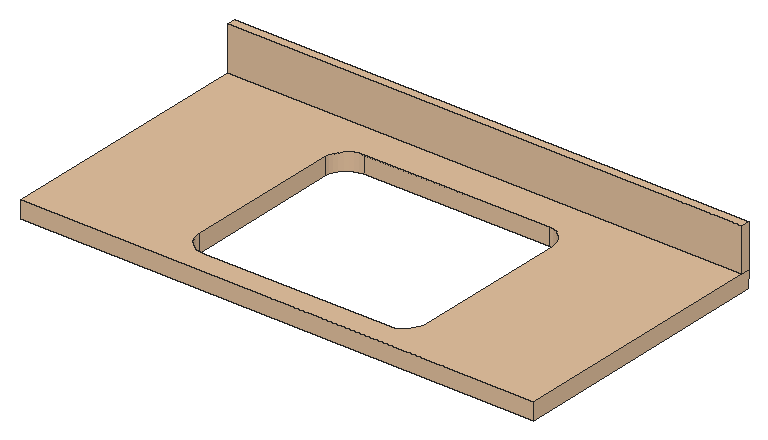
Revit family "M_Topo de bancada do banheiro com buraco de pia quadrado", category Componentes de gabinete, Revit 2019
Family settings
  Número OmniClass = 23.40.35.17.47.14
  Título OmniClass = Bathroom Casework
  ID de item do Seek = Vanity Counter Top w Square Sink Hole-0000-CAN-ENU
  Com base no plano de trabalho = Não
  Sempre na vertical = Sim
  Corte com vazios quando carregada = Não
  Compartilhado = Sim
  Ponto de cálculo do ambiente = Não
Parameters (values of type "Profundidade 600 mm")
  Espessura da bancada = 40 mm
  Material do topo da bancada = none
  Linear = 625 mm
  Altura = 750 mm
  Comprimento [instance] = 1200 mm
  Localização da pia [instance] = 600 mm
  Localização da pia em relação a parede [instance] = 115 mm
  Profundidade de abertura da pia [instance] = 445 mm
  Largura da abertura da pia [instance] = 508 mm
Reference planes
  plane 1 "Parte posterior": y = 0
  plane 2: z = 0
  plane 3 "Esquerda": x = -1268.725
  plane 4 "Direita": x = -68.725
  plane 5 "Parte frontal": y = -625
  plane 6 "Superior": z = 750
  plane 7 "Topo do armário": z = 710
  plane 8: y = -19.05
  plane 9: z = 851.6
  plane 10: x = -668.725
  plane 11: y = -115
  plane 12: x = -414.725
  plane 13: y = -560
  plane 14: x = -922.725
  plane 15: y = -102.3
  plane 16: x = -402.025
  plane 17: y = -572.7
  plane 18: x = -935.425
Forms (mm)
  Extrusion 1, solid, material <- "Material do topo da bancada"
    sketch origin (0, 0, 0) x (1, 0, 0) y (0, 1, 0)
      loop
        line (-1268.725, 0) -> (-1268.725, -625) -> (-68.725, -625) -> (-68.725, 0) -> (-1268.725, 0)
    from 710 to 750
  Extrusion 2, solid, material <- "Material do topo da bancada"
    sketch origin (0, 0, 0) x (1, 0, 0) y (0, 1, 0)
      loop
        line (-68.725, 0) -> (-1268.725, 0) -> (-1268.725, -19.05) -> (-68.725, -19.05) -> (-68.725, 0)
    from 750 to 851.6
  Extrusion 3, void
    sketch origin (0, 0, 0) x (1, 0, 0) y (0, 1, 0)
      loop
        line (-935.425, -153.1) -> (-935.425, -521.9)
        arc (-935.425, -521.9) -> (-920.546, -557.821) -> (-884.625, -572.7) r 50.8
        line (-884.625, -572.7) -> (-452.825, -572.7)
        arc (-452.825, -572.7) -> (-416.904, -557.821) -> (-402.025, -521.9) r 50.8
        line (-402.025, -521.9) -> (-402.025, -153.1)
        arc (-402.025, -153.1) -> (-416.904, -117.179) -> (-452.825, -102.3) r 50.8
        line (-452.825, -102.3) -> (-884.625, -102.3)
        arc (-884.625, -102.3) -> (-920.546, -117.179) -> (-935.425, -153.1) r 50.8
    from 710 to 750
Cuts and joins
  Extrusion 3 cuts Extrusion 1
  Extrusion 3 cuts Extrusion 2
Lines and regions (mm)
  Masking region 1
    outline origin (0, 0, 710) x (-1, 0, 0) y (0, -1, 0)
      loop
        line (1268.725, 0) -> (1268.725, 625) -> (68.725, 625) -> (68.725, 0) -> (1268.725, 0)
  symbolic lines, style "Topo da bancada"
    curve 1: line (-1268.725, -19.05, 710) -> (-68.725, -19.05, 710)
  symbolic lines, style "Abertura da pia"
    curve 2: line (-871.925, -115, 710) -> (-465.525, -115, 710)
    curve 3: line (-922.725, -509.2, 710) -> (-922.725, -165.8, 710)
    curve 4: line (-465.525, -560, 710) -> (-871.925, -560, 710)
    curve 5: line (-414.725, -165.8, 710) -> (-414.725, -509.2, 710)
    curve 6: arc (-922.725, -165.8, 710) -> (-907.846, -129.879, 710) -> (-871.925, -115, 710) r 50.8
    curve 7: arc (-465.525, -115, 710) -> (-429.604, -129.879, 710) -> (-414.725, -165.8, 710) r 50.8
    curve 8: arc (-414.725, -509.2, 710) -> (-429.604, -545.121, 710) -> (-465.525, -560, 710) r 50.8
    curve 9: arc (-871.925, -560, 710) -> (-907.846, -545.121, 710) -> (-922.725, -509.2, 710) r 50.8
Dimensions and locks
  "Linear": plane 5 "Parte frontal" to plane 1 "Parte posterior"
  "Comprimento": plane 3 "Esquerda" to plane 4 "Direita"
  "Altura": level to plane 6 "Superior"
  "Espessura da bancada": plane 7 "Topo do armário" to plane 6 "Superior"
  locked: plane 8 to plane 1 "Parte posterior" at 19.05
  plane 6 "Superior" to plane 9 = 101.6 mm
  "Largura da abertura da pia": plane 14 to plane 12
  "Profundidade de abertura da pia": plane 13 to plane 11
  "Localização da pia": plane 3 "Esquerda" to plane 10
  equal spacing: plane 14, plane 10, plane 12
  "Localização da pia em relação a parede": plane 11 to plane 1 "Parte posterior"
  locked: plane 18 to plane 14 at 12.7
  locked: plane 12 to plane 16 at 12.7
  locked: plane 11 to plane 15 at 12.7
  locked: plane 13 to plane 17 at 12.7
  aligned and locked: Extrusion 1 sketch curve to plane 1 "Parte posterior"
  aligned and locked: plane 4 "Direita" to Extrusion 1 sketch curve
  aligned and locked: plane 5 "Parte frontal" to Extrusion 1 sketch curve
  aligned and locked: Extrusion 1 sketch curve to plane 3 "Esquerda"
  aligned and locked: plane 6 "Superior" to Extrusion 1
  aligned and locked: Extrusion 1 to plane 7 "Topo do armário"
  aligned and locked: plane 1 "Parte posterior" to Extrusion 2 sketch curve
  aligned and locked: Extrusion 2 sketch curve to plane 8
  aligned and locked: Extrusion 2 sketch curve to plane 4 "Direita"
  aligned and locked: plane 3 "Esquerda" to Extrusion 2 sketch curve
  aligned and locked: Extrusion 2 to plane 9
  aligned and locked: Extrusion 2 to plane 6 "Superior"
  aligned and locked: plane 6 "Superior" to Extrusion 3
  aligned and locked: Extrusion 1 to Extrusion 3
  aligned and locked: plane 18 to Extrusion 3 sketch curve
  aligned and locked: Extrusion 3 sketch curve to plane 15
  aligned and locked: plane 16 to Extrusion 3 sketch curve
  aligned and locked: plane 17 to Extrusion 3 sketch curve
  aligned and locked: plane 4 "Direita" to Masking region 1 sketch curve
  aligned and locked: Masking region 1 sketch curve to plane 1 "Parte posterior"
  aligned and locked: plane 5 "Parte frontal" to Masking region 1 sketch curve
  aligned and locked: Masking region 1 sketch curve to plane 3 "Esquerda"
  aligned and locked: cut or joined group of Extrusion 2, Extrusion 3 to curve 1
  aligned and locked: plane 3 "Esquerda" to curve 1
  aligned and locked: plane 4 "Direita" to curve 1
Automatic sketch dimensions
  Extrusion 3 sketch curve to plane 14 = 38.1 mm  (x2)
  plane 12 to Extrusion 3 sketch curve = 38.1 mm
  plane 11 to Extrusion 3 sketch curve = 38.1 mm
  curve 5 to plane 12 = 0 mm
  curve 4 to plane 13 = 0 mm
  curve 2 to plane 11 = 0 mm
  curve 3 to plane 14 = 0 mm
  plane 12 to curve 4 = 50.8 mm
  curve 7 to plane 11 = 50.8 mm
  curve 6 to plane 14 = 50.8 mm
  curve 4 to plane 14 = 50.8 mm
